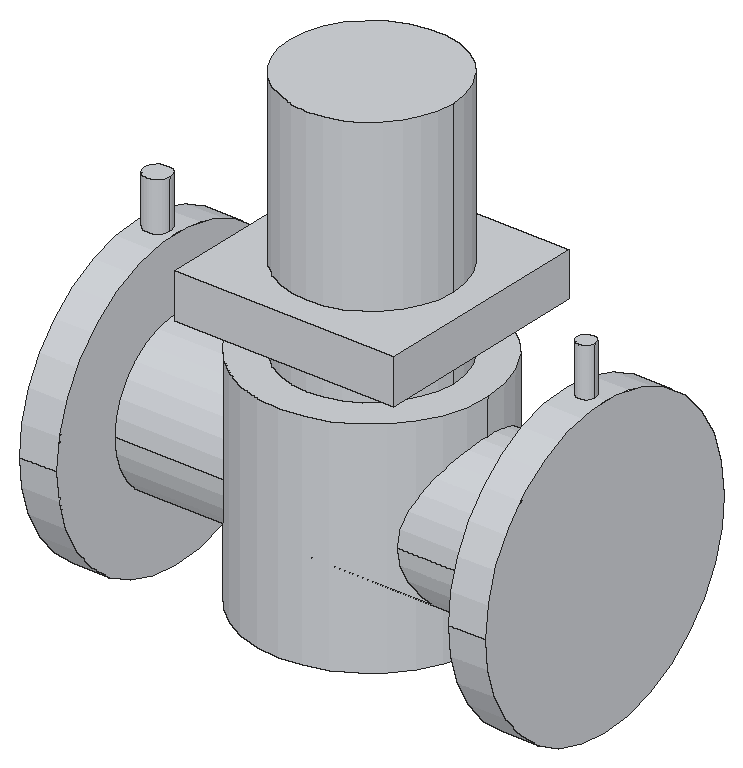
Revit family "PV_Compact_PN25_DN065_(20-100kPa)_RFA_2019", category Pipe Accessories, Revit 2019
Family settings
  Round Connector Dimension = Use Diameter
  Part Type = Valve - Breaks Into
  Work Plane-Based = No
  Always vertical = Yes
  Cut with Voids When Loaded = No
  Shared = No
Parameters (values of type "PV Compact PN25 DN065 (20-100kPa)")
  magiProductId = "130d70b5f9404660882d0b277b908a"
  magiProductFamilyId = "7c5767a2a396495b8f1e69654734b4"
  magiPartTypeId = 304
  isMeasuringValve [instance] = no
  ang2D [instance] = 0.00°
  W2D = 50 mm
  VersionID = "2.0/2018.12.13.2/FRESE_PV_COMPACT_BIG_Q13_001"
  Use Minimum Symbol Size [instance] = no
  URL = "www.hydronic.cz"
  Type Comments = "PŘÍRUBOVÝ; PN25; dpmax=1000kPa; -10~+120°C"
  R4 = 50.75 mm
  R3 = 48.1 mm
  R1 = 72.5 mm
  QmdConnectorList = "301;D;302;D"
  Productdata [instance] = ""
  Manufacturer = "Hydronic Systems Prague s.r.o."
  Maintenance Zone Under Depth [instance] = 100 mm
  Maintenance Zone Right Depth [instance] = 100 mm
  Maintenance Zone Over Depth [instance] = 100 mm
  Maintenance Zone Left Depth [instance] = 100 mm
  Maintenance Zone Front Depth [instance] = 100 mm
  Maintenance Zone Back Depth [instance] = 100 mm
  Maintenance Zone Front Visibility [instance] = no
  MC Use Limits From Balancing Method = no
  MC Throttling Minimum Value = 0
  MC Throttling Maximum Value = 0
  MC Product Code = "53-3323 DN065 PN25; nastavitelný rozsah dp=20~100kPa; Q=4,7~18,8 m3/h;  kvs=42"
  MC Pressure Drop Minimum Value = 0.0 Pa
  MC Pressure Drop Maximum Value = 0.0 Pa
  MC Piping Given Pressure Drop [instance] = 0.0 Pa
  LF__ve = -LF  # -23.2 mm
  LF2 = 11.6 mm
  LF = 23.2 mm
  L4 = 136.3 mm
  L3 = 243.6 mm
  L2D_Min = 30.48 mm
  L2D = 230 mm
  L2 = 145 mm
  H6 = 105.25 mm
  H4 = 27.75 mm
  H3 = 23.125 mm
  H2 = 69.375 mm
  H1 = 138.75 mm
  Description = "Nastavitelný regulátor tlakové diference"
  DF2 = 92.5 mm
  D = 65 mm
  Clearance Zone Height Depth [instance] = 100 mm
  Clearance Zone Circular Radius [instance] = 145 mm
  Clearance Zone Visibility [instance] = no
  CAT0 = yes
Types (7, lengths in mm): name | magiProductId | Type Comments | R4 | R3 | R1 | MC Product Code | LF__ve | LF2 | LF | L4 | L3 | L2 | H6 | H4 | H3 | H2 | H1 | DF2 | D | Clearance Zone Circular Radius
  PV Compact PN25 DN050 (20-100kPa) | "c83fbc6219d94d148ccf13b963e54b" | "PŘÍRUBOVÝ; PN25; dpmax=1000kPa; -10~+120°C" | 40.25 | 42.9 | 57.5 | "53-3320 DN050 PN25; nastavitelný rozsah dp=20~100kPa; Q=3,2~13,0 m3/h;  kvs=29" | -18.4 | 9.2 | 18.4 | 108.1 | 193.2 | 115 | 82.25 | 24.75 | 20.625 | 61.875 | 123.75 | 82.5 | 50 | 115
  PV Compact PN25 DN065 (20-100kPa) | "130d70b5f9404660882d0b277b908a" | "PŘÍRUBOVÝ; PN25; dpmax=1000kPa; -10~+120°C" | 50.75 | 48.1 | 72.5 | "53-3323 DN065 PN25; nastavitelný rozsah dp=20~100kPa; Q=4,7~18,8 m3/h;  kvs=42" | -23.2 | 11.6 | 23.2 | 136.3 | 243.6 | 145 | 105.25 | 27.75 | 23.125 | 69.375 | 138.75 | 92.5 | 65 | 145
  PV Compact PN25 DN080 (20-100kPa) | "a1826ed98cb744f2bf0249353d27a7" | "PŘÍRUBOVÝ; PN25; dpmax=1000kPa; -10~+120°C" | 54.25 | 52 | 77.5 | "53-3326 DN080 PN25; nastavitelný rozsah dp=20~100kPa; Q=7,5~30,0 m3/h;  kvs=67" | -24.8 | 12.4 | 24.8 | 145.7 | 260.4 | 155 | 141 | 30 | 25 | 75 | 150 | 100 | 80 | 155
  PV Compact PN25 DN100 (20-100kPa) | "7cf36ffc9d0642d6874cd3d421d477" | "PŘÍRUBOVÝ; PN25; dpmax=1000kPa; -10~+120°C" | 61.25 | 61.1 | 87.5 | "53-3329 DN100 PN25; nastavitelný rozsah dp=20~100kPa; Q=12,9~51,4 m3/h;  kvs=115" | -28 | 14 | 28 | 164.5 | 294 | 175 | 234.75 | 35.25 | 29.375 | 88.125 | 176.25 | 117.5 | 100 | 175
  PV Compact PN25 DN125 (20-100kPa) | "79fb1938054147a099bb761cc75d0a" | "PŘÍRUBOVÝ; PN25; dpmax=1000kPa; -10~+120°C" | 70 | 70.2 | 100 | "53-3332 DN125 PN25; nastavitelný rozsah dp=20~100kPa; Q=19,0~76,0 m3/h;  kvs=170" | -32 | 16 | 32 | 188 | 336 | 200 | 225.5 | 40.5 | 33.75 | 101.25 | 202.5 | 135 | 125 | 200
  PV Compact PN25 DN150 (20-100kPa) | "9089b5560db447c5b770287446c8b2" | "PŘÍRUBOVÝ; PN25; dpmax=1000kPa; -10~+110°C" | 84 | 74.1 | 120 | "53-3335 DN150 PN25; nastavitelný rozsah dp=20~100kPa; Q=28,0~112 m3/h;  kvs=250" | -38.4 | 19.2 | 38.4 | 225.6 | 403.2 | 240 | 256.25 | 42.75 | 35.625 | 106.875 | 213.75 | 142.5 | 150 | 240
  PV Compact PN25 DN200 (20-100kPa) | "21d4a96559b243fabb2a9fe74f4fa1" | "PŘÍRUBOVÝ; PN25; dpmax=1000kPa; -10~+110°C" | 105 | 98.8 | 150 | "53-3338 DN200 PN25; nastavitelný rozsah dp=20~100kPa; Q=30,7~123 m3/h;  kvs=275" | -48 | 24 | 48 | 282 | 504 | 300 | 150 | 57 | 47.5 | 142.5 | 285 | 190 | 200 | 300
Reference planes
  plane 1 "Center (Front/Back)": y = 0
  plane 2 "XYPLANE": z = 0
  plane 3 "Center (Left/Right)": x = 0
  plane 4 "257": y = -92.5
  plane 5 "256": y = 92.5
  plane 6 "255": z = -92.5
  plane 7 "254": y = -192.5
  plane 8 "253": y = 192.5
  plane 9 "252": x = -245
  plane 10 "251": x = 245
  plane 11 "250": z = 325.5
  plane 12 "249": z = -192.5
  plane 13 "248": z = 325.5
  plane 14 "247": z = 225.5
  plane 15 "157": x = 133.4
  plane 16 "156": x = -133.4
  plane 17 "155": z = 92.5
  plane 18 "154": z = 120.25
  plane 19 "153": z = 92.5
  plane 20 "152": z = 69.375
  plane 21 "151": x = -121.8
  plane 22 "150": z = -69.375
  plane 23 "149": x = 0
  plane 24 "148": y = 0
  plane 25 "147": z = 0
  plane 26 "146": x = -145
  plane 27 "145": x = 145
Forms (mm)
  Blend 1, solid, visible <- "Maintenance Zone Front Visibility"
    base sketch origin (-750, 0, -192.5) x (1, 0, 0) y (0, 1, 0)
      loop
        line (505, 192.5) -> (505, -192.5) -> (995, -192.5) -> (995, 192.5) -> (505, 192.5)
    top sketch origin (-750, 0, -192.5) x (1, 0, 0) y (0, 1, 0)
      loop
        line (505, 192.5) -> (505, -192.5) -> (995, -192.5) -> (995, 192.5) -> (505, 192.5)
    from 0 to 518
  Blend 2, solid, visible <- "Clearance Zone Visibility"
    base sketch origin (-750, 0, 0) x (1, 0, 0) y (0, 1, 0)
      loop
        circle (750, 0) r 145
    top sketch origin (-750, 0, 0) x (1, 0, 0) y (0, 1, 0)
      loop
        circle (750, 0) r 145
    from 0 to 325.5
  Extrusion 3, solid, visible <- "CAT0"
    sketch origin (-750, 0, 92.5) x (1, 0, 0) y (0, 1, 0)
      loop
        circle (883.4, 0) r 5.5
    from 0 to 30
  Extrusion 4, solid, visible <- "CAT0"
    sketch origin (-750, 0, 92.5) x (1, 0, 0) y (0, 1, 0)
      loop
        circle (616.6, 0) r 7.9
    from 0 to 30
  Extrusion 5, solid
    sketch origin (-750, 0, 120.25) x (1, 0, 0) y (0, 1, 0)
      loop
        circle (750, 0) r 50.75
    from 0 to 105.25 <- "H6"
  Extrusion 6, solid, visible <- "CAT0"
    sketch origin (-750, 0, 92.5) x (1, 0, 0) y (0, 1, 0)
      loop
        line (818.15, 68.15) -> (681.85, 68.15) -> (681.85, -68.15) -> (818.15, -68.15) -> (818.15, 68.15)
    from 0 to 27.75 <- "H4"
  Extrusion 7, solid, visible <- "CAT0"
    sketch origin (-750, 0, 69.375) x (1, 0, 0) y (0, 1, 0)
      loop
        circle (750, 0) r 50.75
    from 0 to 23.125 <- "H3"
  Extrusion 8, solid, visible <- "CAT0"
    sketch origin (-121.8, -750, 0) x (0, 1, 0) y (0, 0, 1)
      loop
        circle (750, 0) r 48.1
    from 0 to 243.6 <- "L3"
  Extrusion 9, solid, visible <- "CAT0"
    sketch origin (-750, 0, -69.375) x (1, 0, 0) y (0, 1, 0)
      loop
        circle (750, 0) r 72.5
    from 0 to 138.75 <- "H1"
  Extrusion 10, solid, visible <- "CAT0"
    sketch origin (-145, -750, 0) x (0, 1, 0) y (0, 0, 1)
      loop
        circle (750, 0) r 92.5
    from 0 to 23.2 <- "LF"
  Extrusion 11, solid, visible <- "CAT0"
    sketch origin (145, -750, 0) x (0, 1, 0) y (0, 0, 1)
      loop
        circle (750, 0) r 92.5
    from 0 to -23.2 <- "LF__ve"
  Extrusion 12, solid, not visible
    sketch origin (-145, -750, 0) x (0, 1, 0) y (0, 0, 1)
      loop
        circle (750, 0) r 10
    from 0 to 10
  Extrusion 13, solid, not visible
    sketch origin (145, -750, 0) x (0, 1, 0) y (0, 0, 1)
      loop
        circle (750, 0) r 10
    from 0 to -10
Lines and regions (mm)
  reference lines, not visible
    curve 1: circle (2, 2, 0) r 1 normal (0, 0, 1)
  reference lines
    curve 2: circle (0, 0, 92.5) r 1 normal (0, 0, 1)
Dimensions and locks
  plane 1 "Center (Front/Back)" to curve 1 = 2 mm
  "DF2": plane 24 "148" to plane 4 "257"
  "DF2": plane 24 "148" to plane 5 "256"
  "DF2": plane 25 "147" to plane 6 "255"
  "Maintenance Zone Front Depth": plane 4 "257" to plane 7 "254"
  "Maintenance Zone Back Depth": plane 5 "256" to plane 8 "253"
  "Maintenance Zone Left Depth": plane 26 "146" to plane 9 "252"
  "Maintenance Zone Right Depth": plane 27 "145" to plane 10 "251"
  "Maintenance Zone Over Depth": plane 14 "247" to plane 11 "250"
  "Maintenance Zone Under Depth": plane 6 "255" to plane 12 "249"
  "Clearance Zone Height Depth": plane 14 "247" to plane 13 "248"
  "H6": plane 18 "154" to plane 14 "247"
  "LF2": plane 27 "145" to plane 15 "157"
  "LF2": plane 26 "146" to plane 16 "156"
  "DF2": plane 2 "XYPLANE" to plane 17 "155"
  "H4": plane 19 "153" to plane 18 "154"
  "H3": plane 20 "152" to plane 19 "153"
  "H1": plane 22 "150" to plane 20 "152"
  "LF": plane 26 "146" to plane 21 "151"
  "H2": plane 2 "XYPLANE" to plane 22 "150"
  locked: plane 3 "Center (Left/Right)" to plane 23 "149"
  locked: plane 1 "Center (Front/Back)" to plane 24 "148"
  locked: plane 2 "XYPLANE" to plane 25 "147"
  "L2": plane 3 "Center (Left/Right)" to plane 26 "146"
  "L2": plane 3 "Center (Left/Right)" to plane 27 "145"
  Blend 1 sketch curve to Blend 1 sketch curve = 0 mm  (x16)
  equal spacing: Extrusion 6 sketch curve, curve 2, Extrusion 6 sketch curve  (x2)
  "L4": Extrusion 6 sketch curve to Extrusion 6 sketch curve  (x2)
  Extrusion 6 sketch curve to Extrusion 6 sketch curve = 0 mm  (x8)
  "Clearance Zone Circular Radius": radius of Blend 2 sketch curve  (x2)
  "R4": radius of Extrusion 5 sketch curve
  "R4": radius of Extrusion 7 sketch curve
  "R3": radius of Extrusion 8 sketch curve
  "R1": radius of Extrusion 9 sketch curve
  "DF2": radius of Extrusion 10 sketch curve
  "DF2": radius of Extrusion 11 sketch curve
  aligned and locked: level to plane 2 "XYPLANE"
  aligned and locked: Blend 1 sketch curve to plane 8 "253"  (x2)
  aligned and locked: plane 9 "252" to Blend 1 sketch curve  (x4)
  aligned and locked: plane 10 "251" to Blend 1 sketch curve  (x4)
  aligned and locked: plane 8 "253" to Blend 1 sketch curve  (x2)
  aligned and locked: plane 7 "254" to Blend 1 sketch curve  (x4)
  aligned and locked: plane 11 "250" to Blend 1
  aligned and locked: plane 23 "149" to Blend 2 sketch curve  (x2)
  aligned and locked: plane 24 "148" to Blend 2 sketch curve  (x2)
  aligned and locked: plane 13 "248" to Blend 2
  aligned and locked: plane 15 "157" to Extrusion 3 sketch curve
  aligned and locked: plane 24 "148" to Extrusion 3 sketch curve
  aligned and locked: plane 16 "156" to Extrusion 4 sketch curve
  aligned and locked: plane 24 "148" to Extrusion 4 sketch curve
  aligned and locked: plane 23 "149" to Extrusion 5 sketch curve
  aligned and locked: plane 24 "148" to Extrusion 5 sketch curve
  aligned and locked: plane 23 "149" to curve 2
  aligned and locked: plane 24 "148" to curve 2
  aligned and locked: plane 23 "149" to Extrusion 7 sketch curve
  aligned and locked: plane 24 "148" to Extrusion 7 sketch curve
  aligned and locked: Extrusion 8 sketch curve to plane 24 "148"
  aligned and locked: plane 25 "147" to Extrusion 8 sketch curve
  aligned and locked: plane 23 "149" to Extrusion 9 sketch curve
  aligned and locked: plane 24 "148" to Extrusion 9 sketch curve
  aligned and locked: Extrusion 10 sketch curve to plane 24 "148"
  aligned and locked: plane 25 "147" to Extrusion 10 sketch curve
  aligned and locked: Extrusion 11 sketch curve to plane 24 "148"
  aligned and locked: plane 25 "147" to Extrusion 11 sketch curve
  aligned and locked: Extrusion 12 sketch curve to plane 24 "148"
  aligned and locked: plane 25 "147" to Extrusion 12 sketch curve
  aligned and locked: Extrusion 13 sketch curve to plane 24 "148"
  aligned and locked: plane 25 "147" to Extrusion 13 sketch curve
Automatic sketch dimensions
  Extrusion 3 sketch curve to plane 15 "157" = 5.5 mm
  plane 26 "146" to Extrusion 4 sketch curve = 3.7 mm
  plane 1 "Center (Front/Back)" to Extrusion 12 sketch curve = 10 mm
  plane 1 "Center (Front/Back)" to Extrusion 13 sketch curve = 10 mm
  plane 3 "Center (Left/Right)" to curve 1 = 2 mm
  plane 21 "151" to Extrusion 6 sketch curve = 53.65 mm
  plane 4 "257" to Extrusion 6 sketch curve = 24.35 mm
  radius of curve 2 = 1 mm
  radius of curve 1 = 1 mm
Connectors
  piping at (-145, 0, 0), diameter 65, driven by "D"
    settings: on Extrusion 12, index 1, connector inside diameter 609.6 mm, connector length 0 mm, flow factor 0, pipe flow 0.0 L/s, pressure drop 0.0 Pa, fitting loss kfactor 0, connector angle 0.00°, fixture units 0, engagement length 0 mm, angle of deflection 0.00°, flow configuration 0, flow direction 0, fitting loss method 0, system type 29, joint type 0, gender type 0, connector reference index 2, connector utility 0, adjustable connector no, is connector primary yes, connector description ""
  piping at (145, 0, 0), diameter 65, driven by "D"
    settings: on Extrusion 13, index 2, connector inside diameter 609.6 mm, connector length 0 mm, flow factor 0, pipe flow 0.0 L/s, pressure drop 0.0 Pa, fitting loss kfactor 0, connector angle 0.00°, fixture units 0, engagement length 0 mm, angle of deflection 0.00°, flow configuration 0, flow direction 0, fitting loss method 0, system type 29, joint type 0, gender type 0, connector reference index 1, connector utility 0, adjustable connector no, is connector primary no, connector description ""
